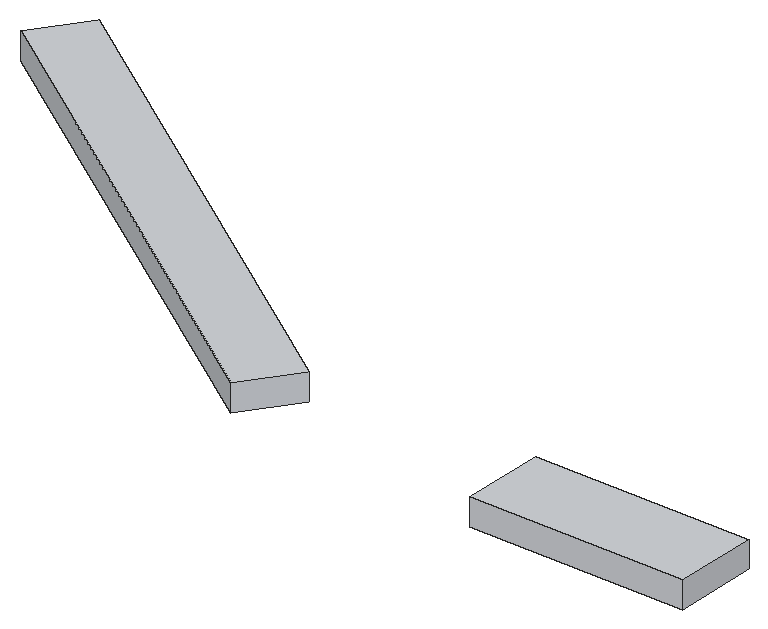
Revit family "Inclinated plane_bb", category Generic Models, Revit 2020
Family settings
  Can host rebar = No
  Round Connector Dimension = Use Diameter
  Part Type = Normal
  Work Plane-Based = No
  Always vertical = Yes
  Cut with Voids When Loaded = No
  Shared = No
  Room Calculation Point = No
Parameters
  Fixed angle = 25.00°
  Default Elevation = 0 mm
  Angle [instance] = 35.00°
  A [instance] = 2000 mm
Reference planes
  plane 1 "Centro (Frontal/Posterior)": y = 0
  plane 2: z = 0
  plane 3 "Centro (Izquierda/Derecha)": x = 0
  plane 4: x = -2000
  plane 5: y = 0
  plane 6: x = -4107.3
Forms (mm)
  Extrusion 1, solid
    sketch origin (0, 0, 0) x (1, 0, 0) y (0, 1, 0)
      loop
        line (-2000, 775.476) -> (-2000, 0) -> (0, 0) -> (0, 775.476) -> (-2000, 775.476)
    from 0 to 250
  Extrusion 2, solid
    sketch origin (0, 0, 0) x (1, 0, 0) y (0, 1, 0)
      loop
        line (-4441.447, 233.972) -> (-4097.301, 725.463) -> (-8602.637, 3880.134) -> (-8946.783, 3388.642) -> (-4441.447, 233.972)
    from 0 to 250
Lines and regions (mm)
  reference lines
    curve 1: line (-4107.3, 0, 0) -> (-9248.731, 3600.069, 0)
    curve 2: line (-8961.562, 3398.991, 0) -> (-7814.41, 5037.295, 0)
Dimensions and locks
  "A": plane 4 to plane 3 "Centro (Izquierda/Derecha)"
  locked: Extrusion 2 sketch curve to Extrusion 2 sketch curve at 5500
  locked: Extrusion 2 sketch curve to Extrusion 2 sketch curve at 600
  locked: Extrusion 2 to curve 2 (angle 90.00°)
  "Angle": angle curve 1 to plane 5
  aligned and locked: level to plane 2
  aligned and locked: plane 4 to Extrusion 1 sketch curve
  aligned and locked: Extrusion 1 sketch curve to plane 1 "Centro (Frontal/Posterior)"
  aligned and locked: Extrusion 1 sketch curve to plane 3 "Centro (Izquierda/Derecha)"
  aligned and locked: plane 5 to plane 1 "Centro (Frontal/Posterior)"
  aligned and locked: plane 5 to curve 1
  aligned and locked: plane 6 to curve 1
  aligned and locked: curve 1 to curve 2
  aligned and locked: curve 1 to Extrusion 2 sketch curve
Automatic sketch dimensions
  Extrusion 1 sketch curve to plane 1 "Centro (Frontal/Posterior)" = 775.476 mm
  Extrusion 2 sketch curve to plane 1 "Centro (Frontal/Posterior)" = 725.463 mm
  curve 2 to curve 1 = 350.569 mm
  curve 2 to curve 1 = 2000 mm
